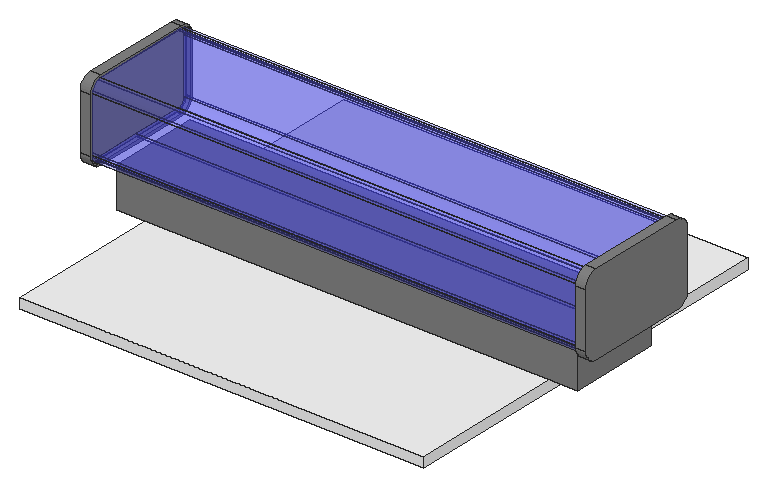
Revit family "BE_24115_de_DE", category Leuchten, Revit 2020
Family settings
  Basisbauteil = Fläche
  Bemaßung runder Anschluss = Durchmesser verwenden
  Teiletyp = Normal
  Beim Laden mit Abzugskörper schneiden = Ja
  Lichtquelle = Ja
  Gemeinsam genutzt = Nein
  Raumberechnungspunkt = Ja
Parameters (values of type "BEGA_24115_Grafit_K4")
  built-in parameter 1150104 = 19.965 (stored number, unit not read)
  Wattage = 11.1 W
  Default Elevation = 0 mm
  built-in parameter 1150113 = 1 (stored number, unit not read)
  built-in parameter 1114218 = 1 (stored number, unit not read)
  Umgebungstemperatur = "25 °C"
  URL = "https://www.bega.com/de/produkt/24115"
  Typenkommentare = "© 2022 BEGA. Wir behalten uns das Recht vor, technische Änderungen ohne vorherige Ankündigung vorzunehmen."  # constant formula
  Type Image = 24115.png
  built-in parameter 1150134 = 12
  built-in parameter 1150109 = 1 (stored number, unit not read)
  Strom = ""
  built-in parameter 1150110 = 1 (stored number, unit not read)
  Spannung = 239.996 V
  Sonderanfertigung = no
  Seriennummer [instance] = "Hier können Sie die eindeutige Seriennummer für das Facility Management eintragen."
  Schutzklasse = "I"
  Schutzart = "IP 65"
  Scheinlast = 0 VA
  Produktdatenblatt = "https://cdn.bega.com/bega/products/24115K3/current/documents/data-sheets/de"
  Oberflächentemperatur = ""
  Neigungswinkel = 0.00°
  Modell = "24115K4"
  Material_17 = BEGA_Reflektor
  Material_15 = BEGA_Leuchtmedium_matt
  Material_11 = BEGA_Glas_opal
  Material_09 = BEGA_Glas_klar
  Material_06 = BEGA_Oberfläche_Edelstahl_gebürstet
  Material_03 = BEGA_Oberfläche_Weiss_matt
  Material_02 = BEGA_Oberfläche_Silber_matt
  Material_01 [instance] = BEGA_Oberfläche_Grafit_matt
  M_W = no
  M_G = yes
  M_A = no
  Logo = 0
  built-in parameter 1114217 = 1 (stored number, unit not read)
  built-in parameter 1150139 = (empty or 0)
  built-in parameter 1150105 = 189.82 (stored number, unit not read)
  built-in parameter 1150114 = 1 (stored number, unit not read)
  Lumens = 2385.39 lm
  built-in parameter 1150115 = 1 (stored number, unit not read)
  Leuchtenlichtstrom = "1899 lm"
  Leuchtenanzahl = ""
  Lebensdauerkriterien = "L70B50 @ 25 °C = 200000 h"
  Lastklassifizierung = Beleuchtung
  built-in parameter 1150112 = 1 (stored number, unit not read)
  Lampenlichtstrom = "2385 lm"
  Lampe = "LED 11.1 W"
  LED_Modulbezeichnung = "2x LED-0894/840 + LED-0900/840"
  Hersteller = "BEGA"  # constant formula
  Halbstreuwinkel = ""
  Gewicht = "3.4 kg"
  Gebrauchslageneinschränkung [instance] = ""
  Frequenz = "0/50-60 Hz"
  Farbwiedergabeindex = "CRI > 80"
  Farbtemperaturverschiebung bei Dämpfen der Lampe = <Keine Auswahl>
  Farbtemperatur = "4000 K"
  Color Filter = 16777215
  built-in parameter 1150133 = 10 (stored number, unit not read)
  Energieeffizienzklasse = "LED A++ - A"
  built-in parameter 1150137 = (empty or 0)
  built-in parameter 1150132 = (empty or 0)
  ENEC = "ja"
  Dimmbar [instance] = "DALI"
  Datei für fotometrisches Netz = "BE_24115K4.IES"
  CE_Konformität = "ja"
  Bestellnummer = "24115K4"
  Beschreibung_Sonderanfertigung = "Hier können Sie Informationen zur Sonderanfertigung eintragen."
  Beschreibung = "Decken- und Wandleuchte"
  built-in parameter 1150106 = 1.8982 (stored number, unit not read)
  Befestigungsbohrung = "Ø 7 mm"
  Befestigungsabstand = "350 mm"
  Ballwurfsicher = ""
  BEGA_Intern_aus = yes
  BEGA_Intern_an = yes
  BEGA_Intern_Konstruktion = yes
  BEGA_Intern = yes
  BEGA_IES = yes
  BEGA_Dummy = no
  Anschlussleitung = ""
  Anschlussleistung [instance] = "14.7 W"
  built-in parameter 1150107 = 4000 (stored number, unit not read)
  built-in parameter 1150102 = (empty or 0)
  built-in parameter 1150138 = (empty or 0)
  Aktualisierung = "2022-05-18T04:00:07"
  Abstand_zur_angestrahlten_Fläche [instance] = ""
  AC/DC = "AC/DC"
Types (2, lengths in mm): name | built-in parameter 1150104 | built-in parameter 1150134 | Modell | built-in parameter 1150105 | Lumens | Leuchtenlichtstrom | Lampenlichtstrom | LED_Modulbezeichnung | Farbtemperatur | Datei für fotometrisches Netz | Bestellnummer | built-in parameter 1150106 | built-in parameter 1150107
  BEGA_24115_Grafit_K3 | 19.417 (stored number, unit not read) | (empty or 0) | "24115K3" | 184.61 (stored number, unit not read) | 2319.9 lm | "1847 lm" | "2320 lm" | "2x LED-0894/830 + LED-0900/830" | "3000 K" | "BE_24115K3.IES" | "24115K3" | 1.8461 (stored number, unit not read) | 3000 (stored number, unit not read)
  BEGA_24115_Grafit_K4 | 19.965 (stored number, unit not read) | 12 | "24115K4" | 189.82 (stored number, unit not read) | 2385.39 lm | "1899 lm" | "2385 lm" | "2x LED-0894/840 + LED-0900/840" | "4000 K" | "BE_24115K4.IES" | "24115K4" | 1.8982 (stored number, unit not read) | 4000 (stored number, unit not read)
Reference planes
  plane 1 "Mitte (Vorne/Hinten)": y = 0
  plane 2: z = 0
  plane 3 "Mitte (Links/Rechts)": x = 0
  plane 4 "Links": x = -249.997
  plane 5 "Rechts": x = 249.997
  plane 6 "Unten": y = -62.5
  plane 7 "Oben": y = 62.5
  plane 8 "Vorne": z = 117.6
  plane 9 "Hinten": z = 0
Forms (mm)
  Extrusion 1, solid, material "BEGA_Platte_Weiss"
    sketch origin (0, -1119.2, 0) x (1, 0, 0) y (0, 1, 0)
      loop
        line (-200, 1319.2) -> (-200, 919.2) -> (200, 919.2) -> (200, 1319.2) -> (-200, 1319.2)
    from 0 to -10
  Extrusion 2, solid, material "BEGA_Dummy_matt", visible <- "BEGA_Dummy"
    sketch origin (80.095, -76.023, 0) x (1, 0, 0) y (0, 1, 0)
      loop
        line (-330.092, 138.523) -> (-330.092, 13.523) -> (169.901, 13.523) -> (169.901, 138.523) -> (-330.092, 138.523)
    from 0 to 117.6
Dimensions and locks
  plane 1 "Mitte (Vorne/Hinten)" to Extrusion 1 = 200 mm
  aligned and locked: plane 2 to Extrusion 1
  aligned and locked: level to Extrusion 1
  aligned and locked: plane 5 "Rechts" to nested 1
  aligned and locked: plane 4 "Links" to nested 1
  aligned and locked: plane 8 "Vorne" to nested 1  (x2)
  aligned and locked: plane 6 "Unten" to nested 1
  aligned and locked: plane 7 "Oben" to nested 1
  aligned and locked: plane 7 "Oben" to Extrusion 2
  aligned and locked: Extrusion 2 to plane 6 "Unten"
  aligned and locked: Extrusion 2 to nested 1  (x3)
Nested families
  nested 1: "BE_24115" at (0, 0, 0), type "BE_24115"
Connectors
  electrical at (0, 0, 0), driven by "Lastklassifizierung", driven by "Spannung", driven by "Scheinlast"
    settings: index 1, voltage 239.996 V, apparent load 0 VA, apparent load phase1 0 VA, apparent load phase2 0 VA, apparent load phase3 0 VA, power factor 1, load classification "Beleuchtung", number of poles 1, system type 31, power factor state 1, is connector primary yes, connector utility no, sub classification motor no, connector description ""
Definition of nested family "BE_24115"
  Parameters (values of type "BE_24115")
    Default Elevation = 1 mm
    URL = "http://www.bega.de/de/produkt"
    Type Comments = "© 2015 BEGA. Wir behalten uns das Recht vor, technische Änderungen ohne vorherige Ankündigung vorzunehmen. "  # constant formula
    Type Image = (empty or 0)
    Neigungswinkel_um_Z2 = 0.00°
    Neigungswinkel_um_Z1 = 0.00°
    Neigungswinkel_um_Y2 = 0.00°
    Neigungswinkel_um_Y1 = 0.00°
    Neigungswinkel_um_X2 = 0.00°
    Neigungswinkel_um_X1 = 0.00°
    Material_17 = none
    Material_15 = none
    Material_11 = none
    Material_09 = none
    Material_06 = none
    Material_02 = none
    Material_01 = none
    M_W = yes
    M_G = yes
    M_A = yes
    Länge_Platte = 200 mm  # constant formula
    Höhe_Platte = -10 mm  # constant formula
    Manufacturer = "BEGA"  # constant formula
    Drehwinkel_um_Z2 = 0.00°
    Drehwinkel_um_Z1 = 0.00°
    Breite_Platte = 200 mm  # constant formula
  Reference planes
    plane 1 "Mitte (Oben/Unten)": y = 0
    plane 2: z = 0
    plane 3 "Mitte (Links/Rechts)": x = 0
    plane 4 "Hinten": z = -25
    plane 5 "Oben": y = 62.5
    plane 6 "Unten": y = -62.5
    plane 7: z = 117.6
    plane 8: x = 249.997
    plane 9: x = -249.997
  Forms (mm)
    Extrusion 1, solid, detail levels medium
      sketch origin (0, 0, 0) x (1, 0, 0) y (0, 1, 0)
        loop
          line (-100, 100) -> (-100, -100) -> (100, -100) -> (100, 100) -> (-100, 100)
      from 0 to -10 <- "Höhe_Platte"
    Extrusion 2, solid, material <- "Material_11"
      sketch origin (0, 0, 0) x (0, 1, 0) y (0, 0, 1)
        loop
          arc (57, 105.1) -> (54.929, 110.07) -> (49.942, 112.1) r 7
          line (49.942, 112.1) -> (-50, 112.1)
          arc (-50, 112.1) -> (-54.95, 110.05) -> (-57, 105.1) r 7
          line (-57, 105.1) -> (-57, 50.1)
          arc (-57, 50.1) -> (-54.95, 45.15) -> (-50, 43.1) r 7
          line (-50, 43.1) -> (-2.347, 43.1) -> (50, 43.1)
          arc (50, 43.1) -> (54.95, 45.179) -> (57, 50.129) r 7
          line (57, 50.129) -> (57, 105.1)
        loop
          arc (60, 105.1) -> (57.071, 112.171) -> (50, 115.1) r 10
          line (50, 115.1) -> (-50, 115.1)
          arc (-50, 115.1) -> (-57.071, 112.171) -> (-60, 105.1) r 10
          line (-60, 105.1) -> (-60, 50.1)
          arc (-60, 50.1) -> (-57.071, 43.029) -> (-50, 40.1) r 10
          line (-50, 40.1) -> (-1.474, 40.1) -> (50, 40.1)
          arc (50, 40.1) -> (57.071, 43.029) -> (60, 50.1) r 10
          line (60, 50.1) -> (60, 105.1)
      from -242.968 to 242.989
    Extrusion 3, solid, material <- "Material_01"
      sketch origin (0, 0, 0) x (0, 1, 0) y (0, 0, 1)
        loop
          line (45, 40) -> (41.347, 40) -> (-44.988, 40) -> (-45, 0) -> (45, 0) -> (45, 40)
        loop
          line (41, 37.5) -> (36, 37.5) -> (36, 35) -> (33.5, 35) -> (33.5, 32.5) -> (36, 30) -> (36, 27.5) -> (33.55, 27.5) -> (30.5, 30.55) -> (30.5, 37.5) -> (3.807, 37.5) -> (-30.5, 37.5) -> (-30.5, 30.55) -> (-33.55, 27.5) -> (-36, 27.5) -> (-36, 30) -> (-33.5, 32.5) -> (-33.5, 35) -> (-36, 35) -> (-36, 37.5) -> (-41, 37.5) -> (-41, 3) -> (4.481, 3) -> (41, 3) -> (41, 37.5)
      from -225 to 225
    Extrusion 4, solid, material <- "Material_01"
      sketch origin (0, 0, 0) x (0, 1, 0) y (0, 0, 1)
        loop
          line (45, 40) -> (-45, 40) -> (-45, 0) -> (45, 0) -> (45, 40)
      from 225 to 228
    Extrusion 5, solid, material <- "Material_01"
      sketch origin (0, 0, 0) x (0, 1, 0) y (0, 0, -1)
        loop
          line (45, -40) -> (45, 0) -> (-45, 0) -> (-45, -40) -> (45, -40)
      from 225 to 228
    Extrusion 6, void
      sketch origin (0, 0, 0) x (1, 0, 0) y (0, 1, 0)
        loop
          arc (122.534, -27.5) -> (150.034, 0) -> (122.534, 27.5) r 27.5
          line (122.534, 27.5) -> (-122.466, 27.5)
          arc (-122.466, 27.5) -> (-149.966, 0) -> (-122.466, -27.5) r 27.5
          line (-122.466, -27.5) -> (122.534, -27.5)
        loop
          line (-171.466, -5) -> (-171.466, 5)
          arc (-171.466, 5) -> (-174.966, 8.5) -> (-178.466, 5) r 3.5
          line (-178.466, 5) -> (-178.466, -5)
          arc (-178.466, -5) -> (-174.966, -8.5) -> (-171.466, -5) r 3.5
        loop
          line (180.034, 3.5) -> (170.034, 3.5)
          arc (170.034, 3.5) -> (166.534, 0) -> (170.034, -3.5) r 3.5
          line (170.034, -3.5) -> (180.034, -3.5)
          arc (180.034, -3.5) -> (183.534, 0) -> (180.034, 3.5) r 3.5
      from 0 to 9.215
    Extrusion 7, solid, material <- "Material_01"
      sketch origin (0, 0, 0) x (0, 1, 0) y (0, 0, 1)
        loop
          arc (62.5, 105.108) -> (58.842, 113.942) -> (50.008, 117.6) r 12.489
          line (50.008, 117.6) -> (-50.008, 117.6)
          arc (-50.008, 117.6) -> (-58.842, 113.942) -> (-62.5, 105.108) r 12.489
          line (-62.5, 105.108) -> (-62.5, 50.092)
          arc (-62.5, 50.092) -> (-58.842, 41.258) -> (-50.008, 37.6) r 12.489
          line (-50.008, 37.6) -> (0.132, 37.6) -> (50.008, 37.6)
          arc (50.008, 37.6) -> (58.842, 41.258) -> (62.5, 50.092) r 12.489
          line (62.5, 50.092) -> (62.5, 105.108)
      from -249.997 to -239.903
    Extrusion 8, void
      sketch origin (0, 0, 0) x (0, 1, 0) y (0, 0, 1)
        loop
          line (49.996, 115.89) -> (-49.996, 115.89)
          arc (-49.996, 115.89) -> (-57.629, 112.729) -> (-60.789, 105.096) r 10.79
          line (-60.789, 105.096) -> (-60.79, 50.104)
          arc (-60.79, 50.104) -> (-57.629, 42.471) -> (-49.996, 39.31) r 10.79
          line (-49.996, 39.31) -> (0.836, 39.31) -> (49.996, 39.31)
          arc (49.996, 39.31) -> (57.629, 42.471) -> (60.79, 50.104) r 10.79
          line (60.79, 50.104) -> (60.79, 105.096)
          arc (60.79, 105.096) -> (57.629, 112.729) -> (49.996, 115.89) r 10.79
      from -245.386 to -236.752
    Extrusion 9, solid, material <- "Material_01"
      sketch origin (0, 0, 0) x (0, 1, 0) y (0, 0, -1)
        loop
          line (62.5, -105.108) -> (62.5, -50.092)
          arc (62.5, -50.092) -> (58.842, -41.258) -> (50.008, -37.6) r 12.489
          line (50.008, -37.6) -> (0.132, -37.6) -> (-50.008, -37.6)
          arc (-50.008, -37.6) -> (-58.842, -41.258) -> (-62.5, -50.092) r 12.489
          line (-62.5, -50.092) -> (-62.5, -105.108)
          arc (-62.5, -105.108) -> (-58.842, -113.942) -> (-50.008, -117.6) r 12.489
          line (-50.008, -117.6) -> (50.008, -117.6)
          arc (50.008, -117.6) -> (58.842, -113.942) -> (62.5, -105.108) r 12.489
      from -249.997 to -239.903
    Extrusion 10, void
      sketch origin (0, 0, 0) x (0, 1, 0) y (0, 0, -1)
        loop
          arc (49.996, -115.89) -> (57.629, -112.729) -> (60.79, -105.096) r 10.79
          line (60.79, -105.096) -> (60.79, -50.104)
          arc (60.79, -50.104) -> (57.629, -42.471) -> (49.996, -39.31) r 10.79
          line (49.996, -39.31) -> (0.836, -39.31) -> (-49.996, -39.31)
          arc (-49.996, -39.31) -> (-57.629, -42.471) -> (-60.79, -50.104) r 10.79
          line (-60.79, -50.104) -> (-60.789, -105.096)
          arc (-60.789, -105.096) -> (-57.629, -112.729) -> (-49.996, -115.89) r 10.79
          line (-49.996, -115.89) -> (49.996, -115.89)
      from -245.386 to -237.696
  Cuts and joins
    Extrusion 6, Extrusion 8 cuts Extrusion 3
    Extrusion 6, Extrusion 8 cuts Extrusion 4
    Extrusion 6, Extrusion 8 cuts Extrusion 5
    joined: Extrusion 3, Extrusion 4, Extrusion 5
    Extrusion 6 cuts Extrusion 2
    Extrusion 8 cuts Extrusion 7
    Extrusion 10 cuts Extrusion 9
  Dimensions and locks
    equal spacing: Extrusion 1 sketch curve, plane 3 "Mitte (Links/Rechts)", Extrusion 1 sketch curve
    equal spacing: Extrusion 1 sketch curve, plane 1 "Mitte (Oben/Unten)", Extrusion 1 sketch curve
    "Länge_Platte": Extrusion 1 sketch curve to Extrusion 1 sketch curve
    "Breite_Platte": Extrusion 1 sketch curve to Extrusion 1 sketch curve
    aligned and locked: plane 2 to Extrusion 1
    aligned and locked: level to Extrusion 1
  Automatic sketch dimensions
    Extrusion 2 sketch curve to Extrusion 2 sketch curve = 0 mm  (x15)
    plane 1 "Mitte (Oben/Unten)" to Extrusion 2 sketch curve = 60 mm
    Extrusion 2 sketch curve to Extrusion 2 sketch curve = 3 mm  (x4)
    Extrusion 2 sketch curve to Extrusion 2 sketch curve = 7 mm  (x3)
    Extrusion 2 sketch curve to Extrusion 2 sketch curve = 10 mm
    plane 1 "Mitte (Oben/Unten)" to Extrusion 2 sketch curve = 1.474 mm
    Extrusion 2 sketch curve to plane 1 "Mitte (Oben/Unten)" = 49.942 mm
    Extrusion 2 sketch curve to plane 1 "Mitte (Oben/Unten)" = 50 mm
    Extrusion 2 sketch curve to Extrusion 2 sketch curve = 0.058 mm
    level to Extrusion 2 sketch curve = 40.1 mm
    Extrusion 2 sketch curve to Extrusion 2 sketch curve = 0.029 mm  (x2)
    Extrusion 2 sketch curve to Extrusion 2 sketch curve = 54.971 mm
    Extrusion 2 sketch curve to Extrusion 2 sketch curve = 55 mm
    plane 1 "Mitte (Oben/Unten)" to Extrusion 2 sketch curve = 2.347 mm
    Extrusion 3 sketch curve to level = 0 mm
    plane 1 "Mitte (Oben/Unten)" to Extrusion 3 sketch curve = 45 mm
    Extrusion 3 sketch curve to Extrusion 3 sketch curve = 0.013 mm
    Extrusion 3 sketch curve to Extrusion 3 sketch curve = 4 mm  (x2)
    Extrusion 3 sketch curve to Extrusion 3 sketch curve = 5 mm  (x2)
    Extrusion 3 sketch curve to Extrusion 3 sketch curve = 0 mm
    Extrusion 3 sketch curve to Extrusion 3 sketch curve = 2.45 mm  (x2)
    Extrusion 3 sketch curve to Extrusion 3 sketch curve = 2.5 mm  (x12)
    Extrusion 3 sketch curve to Extrusion 3 sketch curve = 3 mm  (x2)
    Extrusion 3 sketch curve to plane 1 "Mitte (Oben/Unten)" = 3.807 mm
    Extrusion 3 sketch curve to plane 1 "Mitte (Oben/Unten)" = 4.481 mm
    Extrusion 3 sketch curve to Extrusion 3 sketch curve = 26.693 mm
    Extrusion 3 sketch curve to Extrusion 3 sketch curve = 3.05 mm  (x3)
    Extrusion 3 sketch curve to Extrusion 3 sketch curve = 0.347 mm
    Extrusion 3 sketch curve to Extrusion 3 sketch curve = 3.653 mm
    level to Extrusion 3 sketch curve = 3 mm
    Extrusion 3 sketch curve to Extrusion 3 sketch curve = 24.5 mm  (x2)
    Extrusion 4 sketch curve to level = 0 mm
    plane 1 "Mitte (Oben/Unten)" to Extrusion 4 sketch curve = 45 mm
    Extrusion 4 sketch curve to plane 1 "Mitte (Oben/Unten)" = 45 mm
    Extrusion 4 sketch curve to Extrusion 4 sketch curve = 40 mm
    Extrusion 5 sketch curve to level = 0 mm
    plane 1 "Mitte (Oben/Unten)" to Extrusion 5 sketch curve = 45 mm
    Extrusion 5 sketch curve to plane 1 "Mitte (Oben/Unten)" = 45 mm
    Extrusion 5 sketch curve to Extrusion 5 sketch curve = 40 mm
    plane 1 "Mitte (Oben/Unten)" to Extrusion 6 sketch curve = 0 mm  (x2)
    Extrusion 6 sketch curve to plane 1 "Mitte (Oben/Unten)" = 5 mm
    Extrusion 6 sketch curve to Extrusion 6 sketch curve = 3.5 mm
    Extrusion 6 sketch curve to Extrusion 6 sketch curve = 49 mm
    plane 1 "Mitte (Oben/Unten)" to Extrusion 6 sketch curve = 3.5 mm
    Extrusion 6 sketch curve to Extrusion 6 sketch curve = 10 mm
    plane 1 "Mitte (Oben/Unten)" to Extrusion 6 sketch curve = 5 mm
    plane 1 "Mitte (Oben/Unten)" to Extrusion 6 sketch curve = 27.5 mm
    plane 1 "Mitte (Oben/Unten)" to Extrusion 7 sketch curve = 50.011 mm  (x2)
    Extrusion 7 sketch curve to plane 1 "Mitte (Oben/Unten)" = 0.132 mm
    Extrusion 7 sketch curve to plane 1 "Mitte (Oben/Unten)" = 50.011 mm  (x2)
    level to Extrusion 7 sketch curve = 37.6 mm
    Extrusion 7 sketch curve to Extrusion 7 sketch curve = 12.489 mm  (x6)
    Extrusion 7 sketch curve to Extrusion 7 sketch curve = 55.022 mm  (x2)
    Extrusion 7 sketch curve to Extrusion 7 sketch curve = 0 mm  (x13)
    Extrusion 7 sketch curve to Extrusion 7 sketch curve = 0.003 mm  (x6)
    plane 1 "Mitte (Oben/Unten)" to Extrusion 8 sketch curve = 49.999 mm  (x2)
    Extrusion 8 sketch curve to plane 1 "Mitte (Oben/Unten)" = 0.836 mm
    Extrusion 8 sketch curve to plane 1 "Mitte (Oben/Unten)" = 49.999 mm  (x2)
    level to Extrusion 8 sketch curve = 39.31 mm
    Extrusion 8 sketch curve to Extrusion 8 sketch curve = 10.79 mm  (x6)
    Extrusion 8 sketch curve to Extrusion 8 sketch curve = 54.999 mm  (x2)
    Extrusion 8 sketch curve to Extrusion 8 sketch curve = 0 mm  (x13)
    Extrusion 8 sketch curve to Extrusion 8 sketch curve = 0.003 mm  (x6)
    plane 1 "Mitte (Oben/Unten)" to Extrusion 9 sketch curve = 50.011 mm  (x2)
    Extrusion 9 sketch curve to plane 1 "Mitte (Oben/Unten)" = 0.132 mm
    Extrusion 9 sketch curve to plane 1 "Mitte (Oben/Unten)" = 50.011 mm  (x2)
    level to Extrusion 9 sketch curve = 50.089 mm  (x2)
    level to Extrusion 9 sketch curve = 37.6 mm
    Extrusion 9 sketch curve to Extrusion 9 sketch curve = 12.489 mm  (x6)
    Extrusion 9 sketch curve to Extrusion 9 sketch curve = 0 mm  (x11)
    Extrusion 9 sketch curve to Extrusion 9 sketch curve = 0.003 mm  (x6)
    plane 1 "Mitte (Oben/Unten)" to Extrusion 10 sketch curve = 49.999 mm  (x2)
    Extrusion 10 sketch curve to plane 1 "Mitte (Oben/Unten)" = 0.836 mm
    Extrusion 10 sketch curve to plane 1 "Mitte (Oben/Unten)" = 49.999 mm  (x2)
    level to Extrusion 10 sketch curve = 50.101 mm  (x2)
    level to Extrusion 10 sketch curve = 39.31 mm
    Extrusion 10 sketch curve to Extrusion 10 sketch curve = 10.79 mm  (x7)
    Extrusion 10 sketch curve to Extrusion 10 sketch curve = 0 mm  (x11)
    Extrusion 10 sketch curve to Extrusion 10 sketch curve = 0.003 mm  (x6)
    Extrusion 9 sketch curve to Extrusion 9 sketch curve = 55.022 mm  (x2)
    Extrusion 10 sketch curve to Extrusion 10 sketch curve = 54.999 mm
    plane 3 "Mitte (Links/Rechts)" to Extrusion 6 sketch curve = 122.534 mm
    Extrusion 6 sketch curve to Extrusion 6 sketch curve = 47.5 mm
    Extrusion 6 sketch curve to plane 3 "Mitte (Links/Rechts)" = 122.466 mm
